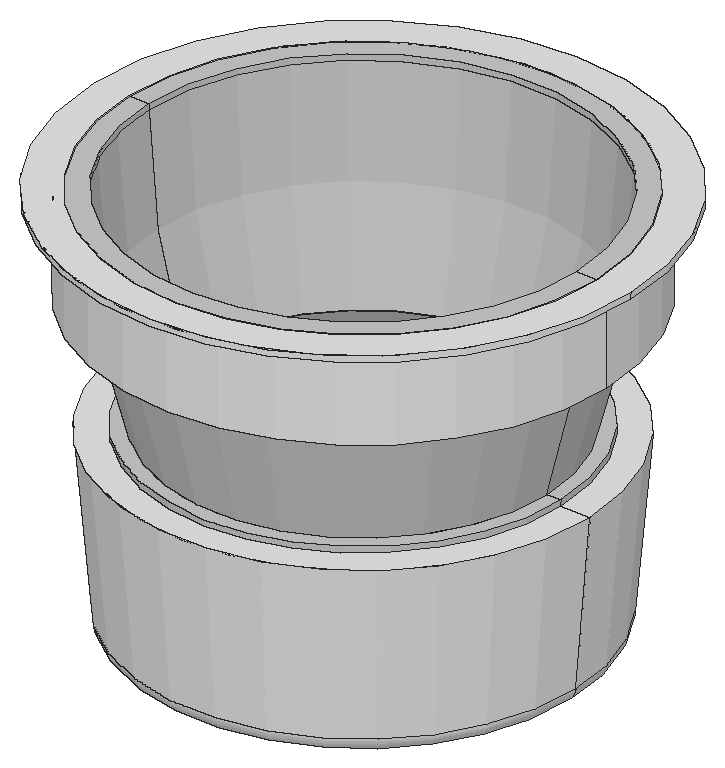
Revit family "2059346 Lighting Fixture_Sylvania_Ascent 150 II Round_Ceiling Recessed", category Lighting Fixtures, host Face, Revit 2017
Family settings
  Host = Face
  Round Connector Dimension = Use Diameter
  Part Type = Normal
  OmniClass Number = 23.80.70.11.17
  OmniClass Title = Specialized Lighting by Location or Use
  Cut with Voids When Loaded = No
  Light Source = Yes
  Shared = No
  Room Calculation Point = No
Parameters (values of type "ASCENT 150 II 1200 4K STD")
  Upper Body Radius = Radius - 14.5 mm  # 80.0 mm
  Upper Body Material = Metal_Sylvania_Ascent 150 II_Black
  Ring Outer Diameter = Diameter - 17.0 mm  # 172.0 mm
  Ring Inner Diameter = Ring Outer Diameter - 4.0 mm  # 168.0 mm
  Reflector Material = Metal_Sylvania_Ascent 150 II_Polished
  Recessed Depth = 142.0 mm
  Radius = Diameter / 2  # 94.5 mm
  Light Emit  Diameter = Diameter - 38.0 mm  # 151.0 mm
  LOR = "100%"  # constant formula
  Inrush Current (max. quantity per 16A C breaker) = "80"  # constant formula
  Inner Reflector Radius = Inner Radius - 19.5 mm  # 63.0 mm
  Inner Radius = Inner Diameter / 2  # 82.5 mm
  Inner Diameter = Diameter - 24.0 mm  # 165.0 mm
  IP Rating = "IP44"  # constant formula
  IK Rating = "IK02"  # constant formula
  Glow Wire Test = 650 °C  # constant formula
  Energy Class = "A++,A+,A"  # constant formula
  Weight = 2.45 kg
  Wattage = 3.42276 W
  built-in parameter 1150110 = 1 (stored number, unit not read)
  Voltage Comments = "UNV (Universal Voltage; 220-240 Volt)"  # constant formula
  Voltage = 230 V  # constant formula
  URL = "https://www.sylvania-lighting.com"
  built-in parameter 1114217 = 1 (stored number, unit not read)
  Tilt Angle = -90°
  built-in parameter 1150109 = 1 (stored number, unit not read)
  built-in parameter 1150134 = 12
  built-in parameter 1150113 = 1 (stored number, unit not read)
  Product Page URL = "https://www.sylvania-lighting.com/product/en-int/products/2059346"
  Product Family = "ASCENT 150 II ROUND"  # constant formula
  Photometry Comments = ""
  Photometric Web File = "2059346_ASCENT150II12004KSTDEM-206286.ies"
  Life = "50 000 h"  # constant formula
  Emit from Circle Diameter = Light Emit  Diameter  # 151.0 mm
  Emit Shape Visible in Rendering = no
  Emergency duration (h) = "N/A"
  Electrical Protection = "Class II"  # constant formula
  Drive Current = "350mA"  # constant formula
  Distribution type = "Direct"  # constant formula
  Diffuser Material = Glass_Sylvania_Ascent 150 II_Clear_4000K
  Diameter = 189.0 mm
  Cutout Diameter = Diameter - 13.0 mm  # 176.0 mm
  Colour consistency (SDCM) = "3 step"  # constant formula
  built-in parameter 1114216 [instance] = 1 (stored number, unit not read)
  Model = "ASCENT 150 II 1200 4K STD EM"
  Manufacturer = "Feilo Sylvania"
  built-in parameter 1150105 = 33.502 (stored number, unit not read)
  Lumens = 421 lm
  built-in parameter 1150115 = 1 (stored number, unit not read)
  built-in parameter 1150137 = (empty or 0)
  built-in parameter 1150139 = (empty or 0)
  built-in parameter 1150112 = 1 (stored number, unit not read)
  built-in parameter 1150114 = 1 (stored number, unit not read)
  Lamp Comments = "Integrated LED"  # constant formula
  Lamp = "LED"  # constant formula
  built-in parameter 1150132 = 2
  built-in parameter 1150102 = (empty or 0)
  built-in parameter 1150107 = 4000 (stored number, unit not read)
  built-in parameter 1150138 = (empty or 0)
  built-in parameter 1150106 = 0.33502 (stored number, unit not read)
  built-in parameter 1150104 = 11.427 (stored number, unit not read)
  Dimming Lamp Color Temperature Shift = <None>
  Description = "A very high efficient round downlight up to 127lm/W Long life >50,000hrs 4,000K and 3,000K CCT and CRI Ra85 IP44 rated for wet areas and bathrooms UGR <19 version for offices to comply with EN12464-1 Wide selection of decorative accessories"  # constant formula
  Default Elevation = 0.0 mm
  Color Filter = 16777215
  Catalog Number = "2059346 ASCENT 150 II 1200 4K STD EM"
  built-in parameter 1140040 [instance] = 1
  CRI (Ra) = ">80"  # constant formula
  built-in parameter 1114218 = 1 (stored number, unit not read)
  built-in parameter 1150133 = 10 (stored number, unit not read)
  Assembly Code = "D5020200"
  Apparent Load Comments = ""
  Apparent Load = 14 VA
  Accessory Material = Aluminum_Sylvania_Ascent 150 II_White
Reference planes
  plane 1 "Center (Front/Back)": y = 0
  plane 2: z = 0
  plane 3 "Center (Left/Right)": x = 0
  plane 4: z = 2
  plane 5: z = -74
  plane 6 "Fixture Top": z = -140
  plane 7: z = -31
  plane 8: z = -72
  plane 9: z = -62.037
Forms (mm)
  Extrusion 1, solid, material "Aluminum_Sylvania_Ascent 150 II_White" <- "Accessory Material", detail levels fine
    sketch origin (0, 0, 0) x (1, 0, 0) y (0, 1, 0)
      loop
        circle (0, 0) r 94.5
      loop
        circle (0, 0) r 82.5
    from 0 to 2
  Extrusion 2, void
    sketch origin (0, 0, 0) x (1, 0, 0) y (0, 1, 0)
      loop
        circle (0, 0) r 88
    from -140 to 2
  Revolve 3, solid, material "Metal_Sylvania_Ascent 150 II_Polished" <- "Reflector Material", detail levels fine
    sketch origin (0, 0, 0) x (1, 0, 0) y (0, 0, 1)
      loop
        line (-82.5, 0) -> (-77.5, 0)
        arc (-77.5, 0) -> (-74.352, -36.539) -> (-65, -72) r 213.61
        line (-65, -72) -> (-70, -72) -> (-70, -74) -> (0, -74) -> (0, -72) -> (-63, -72)
        arc (-63, -72) -> (-72.352, -36.539) -> (-75.5, 0) r 213.61
        line (-75.5, 0) -> (-75.5, 2) -> (-82.5, 2) -> (-82.5, 0)
      axis (0, 2) -> (0, -74)
    angle from 0 to 360
  Extrusion 4, solid, material "Aluminum_Sylvania_Ascent 150 II_White" <- "Accessory Material", detail levels fine
    sketch origin (0, 0, 0) x (1, 0, 0) y (0, 1, 0)
      loop
        circle (0, 0) r 86
      loop
        circle (0, 0) r 84
    from -31 to 0
  Revolve 5, solid, material "Glass_Sylvania_Ascent 150 II_Clear_4000K" <- "Diffuser Material", detail levels fine
    sketch origin (0, 0, 0) x (1, 0, 0) y (0, 0, 1)
      loop
        line (-63, -72) -> (0, -72) -> (0, -62.037)
        arc (0, -62.037) -> (-31.891, -64.543) -> (-63, -72) r 204.163
      axis (0, -62.037) -> (0, -72)
    angle from 0 to 360
  Revolve 6, solid, material "Metal_Sylvania_Ascent 150 II_Black" <- "Upper Body Material", detail levels fine
    sketch origin (0, 0, 0) x (1, 0, 0) y (0, 0, 1)
      loop
        line (0, -74) -> (-80, -74) -> (-75.107, -129.929)
        arc (-75.107, -129.929) -> (-73.452, -133.536) -> (-69.924, -135.353) r 6.079
        arc (-69.924, -135.353) -> (-35.039, -138.837) -> (0, -140) r 528.435
        line (0, -140) -> (0, -74)
      axis (0, -74) -> (0, -140)
    angle from 0 to 360
  Revolve 7, solid, material "Aluminum_Sylvania_Ascent 150 II_White" <- "Accessory Material", detail levels coarse+medium
    sketch origin (0, 0, 0) x (1, 0, 0) y (0, 0, 1)
      loop
        arc (-69.924, -135.353) -> (-35.039, -138.837) -> (0, -140) r 528.435
        line (0, -140) -> (0, 2) -> (-94.5, 2) -> (-94.5, 0) -> (-86, 0) -> (-86, -31)
        arc (-86, -31) -> (-84.493, -52.708) -> (-80, -74) r 157.083
        line (-80, -74) -> (-75.107, -129.929)
        arc (-75.107, -129.929) -> (-73.452, -133.536) -> (-69.924, -135.353) r 6.079
      axis (0, 2) -> (0, -140)
    angle from 0 to 360
Cuts and joins
  joined: Extrusion 1, Extrusion 4
Lines and regions (mm)
  Masking region 1
    outline origin (0, 0, 0) x (1, 0, 0) y (0, 1, 0)
      loop
        circle (0, 0) r 94.5
  symbolic lines, detail levels fine
    curve 1: arc (-75.5, 0, 0) -> (0, 75.5, 0) -> (75.5, 0, 0) r 75.5
    curve 2: arc (75.5, 0, 0) -> (0, -75.5, 0) -> (-75.5, 0, 0) r 75.5
Dimensions and locks
  plane 4 to plane 2 to plane 7 to plane 9 to plane 8 to plane 5 = 2.0 mm locked, 31.0 mm locked, 31.037 mm locked, 9.963 mm locked, 2.0 mm locked
  "Inner Radius": plane 3 "Center (Left/Right)" to Revolve 3 sketch curve
  locked: Revolve 3 sketch curve to Revolve 3 sketch curve at 7
  Revolve 3 sketch curve to Revolve 3 sketch curve to Revolve 3 sketch curve to Revolve 3 sketch curve = 2.0 mm locked, 5.0 mm locked, 12.5 mm locked
  "Inner Reflector Radius": Revolve 5 sketch curve to imposter light
  Revolve 6 sketch curve to Revolve 6 sketch curve to plane 6 "Fixture Top" = 5.424 mm locked, 4.647 mm locked
  "Recessed Depth": plane 4 to plane 6 "Fixture Top"
  "Upper Body Radius": plane 3 "Center (Left/Right)" to Revolve 6 sketch curve
  Revolve 6 sketch curve to Revolve 6 sketch curve to Revolve 6 sketch curve = 4.893 mm locked, 5.183 mm locked
  Revolve 7 sketch curve to Revolve 7 sketch curve to plane 6 "Fixture Top" = 5.424 mm locked, 4.647 mm locked
  Revolve 7 sketch curve to Revolve 7 sketch curve to Revolve 7 sketch curve to Revolve 7 sketch curve to Revolve 7 sketch curve = 8.5 mm locked, 6.0 mm locked, 4.893 mm locked, 5.183 mm locked
  "Radius": plane 3 "Center (Left/Right)" to Revolve 7 sketch curve
  "Diameter": diameter of Extrusion 1 sketch curve
  "Inner Diameter": diameter of Extrusion 1 sketch curve
  "Cutout Diameter": diameter of Extrusion 2 sketch curve
  "Ring Outer Diameter": diameter of Extrusion 4 sketch curve
  "Ring Inner Diameter": diameter of Extrusion 4 sketch curve
  aligned and locked: plane 2 to host face
  aligned and locked: level to host face
  aligned and locked: imposter light to plane 3 "Center (Left/Right)"
  aligned and locked: imposter light to plane 1 "Center (Front/Back)"
  aligned and locked: Extrusion 1 to plane 2
  aligned and locked: plane 4 to Extrusion 1
  aligned and locked: imposter light to plane 4
  aligned and locked: imposter light to Revolve 3 sketch curve
  aligned and locked: Revolve 3 sketch curve to imposter light
  aligned and locked: Revolve 3 sketch curve to plane 2
  aligned and locked: Revolve 3 sketch curve to Revolve 3 sketch curve
  aligned and locked: plane 5 to Revolve 3 sketch curve
  aligned and locked: Extrusion 4 to plane 7
  aligned and locked: Revolve 3 sketch curve to plane 8
  aligned and locked: Revolve 5 sketch curve to plane 8
  aligned and locked: imposter light to Revolve 5 sketch curve  (x2)
  aligned and locked: imposter light to Revolve 6 sketch curve  (x2)
  aligned and locked: plane 5 to Revolve 6 sketch curve
  aligned and locked: plane 6 "Fixture Top" to Revolve 6 sketch curve
  aligned and locked: Revolve 7 sketch curve to plane 2
  aligned and locked: plane 4 to Revolve 7 sketch curve
  aligned and locked: plane 7 to Revolve 7 sketch curve
  aligned and locked: imposter light to Extrusion 2
  aligned and locked: Extrusion 2 to plane 6 "Fixture Top"
  aligned and locked: Masking region 1 sketch curve to Revolve 7  (x2)
  aligned and locked: curve 1 to Revolve 3
  aligned and locked: curve 2 to Revolve 3
Automatic sketch dimensions
  host sketch curve to host sketch curve = 1040.406 mm
  host sketch curve to host sketch curve = 988.385 mm
  Extrusion 1 sketch curve to Extrusion 1 sketch curve = 0.0 mm  (x2)
  plane 1 "Center (Front/Back)" to Extrusion 1 sketch curve = 0.0 mm
  Extrusion 1 sketch curve to plane 3 "Center (Left/Right)" = 0.0 mm
  plane 1 "Center (Front/Back)" to Extrusion 2 sketch curve = 0.0 mm
  Extrusion 2 sketch curve to plane 3 "Center (Left/Right)" = 0.0 mm
  Revolve 3 sketch curve to plane 3 "Center (Left/Right)" = 0.0 mm
  Revolve 3 sketch curve to level = 0.0 mm
  Revolve 3 sketch curve to Revolve 3 sketch curve = 2.0 mm
  Revolve 3 sketch curve to plane 5 = 27.065 mm
  plane 4 to Revolve 3 sketch curve = 16.525 mm
  Extrusion 4 sketch curve to Extrusion 4 sketch curve = 0.0 mm  (x2)
  plane 1 "Center (Front/Back)" to Extrusion 4 sketch curve = 0.0 mm
  Extrusion 4 sketch curve to plane 3 "Center (Left/Right)" = 0.0 mm
  Revolve 5 sketch curve to plane 9 = 0.0 mm
  Revolve 5 sketch curve to plane 5 = 17.158 mm
  Revolve 5 sketch curve to plane 7 = 15.158 mm
  Revolve 6 sketch curve to plane 7 = 0.0 mm
  Revolve 6 sketch curve to Revolve 6 sketch curve = 6.05 mm
  Revolve 6 sketch curve to plane 6 "Fixture Top" = 26.0 mm
  Revolve 7 sketch curve to plane 3 "Center (Left/Right)" = 0.0 mm  (x2)
  Revolve 7 sketch curve to plane 6 "Fixture Top" = 0.0 mm
  Revolve 7 sketch curve to plane 5 = 0.0 mm
  Revolve 7 sketch curve to plane 7 = 0.0 mm
  Revolve 7 sketch curve to Revolve 7 sketch curve = 0.866 mm
  Revolve 7 sketch curve to Revolve 7 sketch curve = 26.0 mm
Connectors
  electrical at (0, 0, -140), driven by "Apparent Load", driven by "Voltage"
    settings: index 1, voltage 230 V, apparent load 0 VA, apparent load phase1 14 VA, apparent load phase2 0 VA, apparent load phase3 0 VA, power factor 1, load classification "Lighting", number of poles 1, system type 31, power factor state 1, is connector primary yes, connector utility no, sub classification motor no, connector description ""
